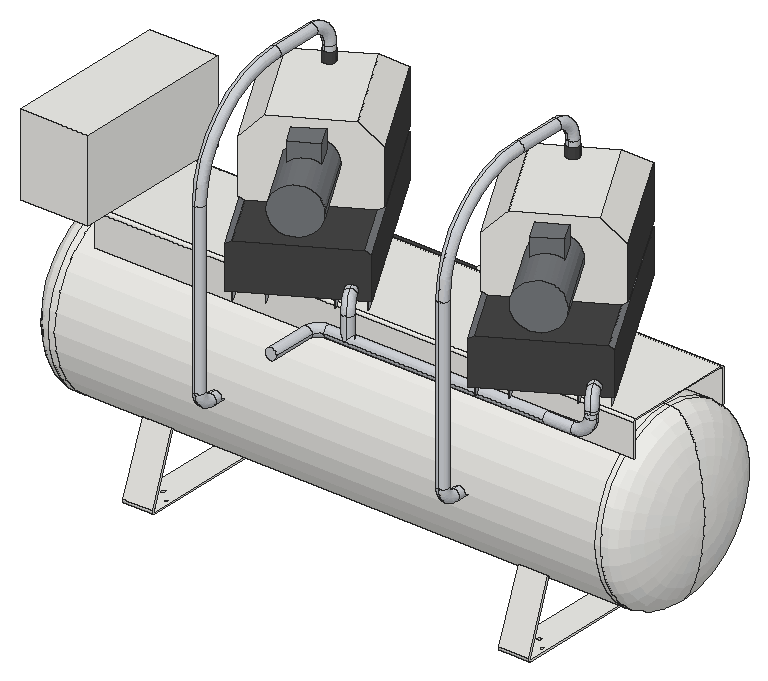
Revit family "HOSPIVAC 2 SIRELLA", category Equipement de génie climatique, Revit 2018
Family settings
  Cote de connecteur circulaire = Utiliser le diamètre
  Classification = Aucun
  Type d'élément = Normal
  Basée sur le plan de construction = Non
  Toujours verticalement = Oui
  Couper avec des vides une fois chargée = Non
  Partagée = Non
  Point de calcul de pièce = Non
Parameters (values of type "a - HOSPIVAC 2 SL100.R")
  ØVIROLE = 650 mm
  ØPOT_FILTRE = 100 mm
  ØFILTRE = 112 mm
  ØCANA = 40 mm
  ZONE_MAINTENANCE [instance] = no
  TENSION_ALIM = 400 V  # constant formula
  TAILLE_POMPE = SIRELLA SLR : SL100.R
  PUISS_ELECT_2 = 2.2 kW
  PUISS_ELECT = 2.2 kW
  PUISS_APPARENTE_2 = PUISS_ELECT_2 / COS_PHI  # 2444.44 VA
  PUISS_APPARENTE = PUISS_ELECT / COS_PHI  # 2444.44 VA
  POIDS(Kg) = 650 mm
  OFFSET_SELLETTE_1 = 55 mm  # constant formula
  OFFSET_REFOUL_PPE_B = 221.7 mm
  OFFSET_REFOUL_PPE_A = 1001.1 mm
  OFFSET_LONG_REFOUL_PPE_A = 945 mm
  OFFSET_LONG_REFOUL = 945 mm
  OFFSET_LONG_CANA_REFOUL_PPE_B = 162.1 mm
  OFFSET_LARG_REFOUL = 503.5 mm
  OFFSET_PPE = 40 mm
  OFFSET_LONG_ASPI = 221 mm
  OFFSET_LONG_FILTRE2 = 40 mm
  OFFSET_LONG_FILTRE1 = 650 mm
  OFFSET_LONG_CANA_ASPI = 597 mm
  OFFSET_LONG_B1 = 1277 mm
  OFFSET_LONG_A2 = 637 mm
  OFFSET_LARG_CANA_REFOUL = 294.5 mm
  OFFSET_HAUT_SELLETTE = 860 mm
  OFFSET_COUDE_CANA_FILTRE = 230 mm
  OFFSET_CENTRAGE_PPE = 200 mm
  OFFSET_BRIDE = 200.5 mm
  OFFSET2_LARG_ZONE_MAINT = 625 mm
  OFFSET1_LARG_ZONE_MAINT = 600 mm + (ØFILTRE / 2)  # 656 mm
  NIVEAU_SONORE(dB(A)) = 69
  NEUTRE = yes
  NBR_POLES = 3  # constant formula
  Modèle = "HOSPIVAC"
  Lien espace client = "https://www.mils.fr/en/customers-area/"
  LONG_U = 650 mm
  LONG_REFOUL = 65.2 mm
  LONG_FOND = 145 mm
  LONG_CANA_REFOUL = 190.094 mm
  LONGUEUR = 2400 mm
  LARGEUR = 1100 mm
  HAUT_TETE_FILTRE = 104 mm
  HAUT_REFOUL_PPE = 949.8 mm
  HAUT_FIX = 15.2 mm
  HAUT_CANA_REFOUL = 124 mm
  HAUT_CANA_FILTRE = 30 mm
  HAUT_ASPI = 59.973 mm
  HAUTEUR = 1500 mm
  Fabricant = "MIL'S"
  ENTRAXE_CANA_ASPI = 900 mm
  OFFSET_LARG_FILTRE = 410 mm
  OFFSET_LARG_ASPI_PPE = 150 mm
  LONG_SELLETTE_1 = 1995 mm
  LONG_OFFSET_REFOUL = 220 mm
  OFFSET_LONG_CANA_REFOUL = 1823 mm
  LONG_ENTRAXE_PIED = 1500 mm
  LG_VIROLE = 2000 mm
  HAUT_VIROLE = 155 mm
  OFFSET_HAUT_FILTRE = 725 mm
  HAUT_REFOUL = 1520 mm
  HAUT_FILTRE = 425 mm
  OFFSET_HAUT_CANA_REFOUL = 820 mm
  HAUT_CANA_ASPI = 1500 mm
  EP.VIROLE = 3 mm
  ENTRAXE_ALIM_ELEC = 526 mm
  DOUBLE_ALIMENTATION = yes
  DIAM_REFOUL_VIDE = 32 mm
  DIAM_ASPI_VIDE = 32 mm
  DESCR_REFOUL = "Refoulement Vide ; 2x90 m³/h ; G 1\"1/2\"FEM"
  DESCR_ASPI = "Aspiration Vide ; 2x90 m³/h ; G 1\"1/2FEM"
  DESCR_ALIM_Y = "Alimentation Y ; 4G2.5mm²"
  DESCR_ALIM_X = "Alimentation X ; 4G2.5mm²"
  DEBIT_REFOUL_VIDE = DEBIT_ASPI_VIDE  # 180.0 m³/h
  DEBIT_ASPI_VIDE = 180.0 m³/h
  OFFSET_LARG_2 = 332 mm
  OFFSET_LARG_1 = 182 mm
  OFFSET_LONG_B2 = 1537 mm
  OFFSET_LONG_A1 = 377 mm
  COS_PHI = 0.9  # constant formula
  BRANCHEMENT_TERRE = yes
  ANGLE = 60.00°
Reference planes
  plane 1 "Centre (avant/arrière)": y = 0
  plane 2: z = 0
  plane 3 "Centre (gauche/droite)": x = 0
  plane 4: x = -545
  plane 5: x = -545
  plane 6: x = -245
  plane 7 "LG_VIROLE1": x = -1000
  plane 8 "LG_VIROLE2": x = 1000
  plane 9 "HT_VIROLE": z = 155
  plane 10 "HAUT_VIROLE": z = 805
  plane 11: x = -750
  plane 12: x = 750
  plane 13 "LONGUEUR1": x = -1145
  plane 14 "LONGUEUR2": x = 1145
  plane 15: x = -640
  plane 16: x = 640
  plane 17 "OFFSET_SELLETTE1": x = -945
  plane 18: x = 1050
  plane 19 "HAUT_SELLETTE": z = 860
  plane 20: z = 95
  plane 21: y = 300
  plane 22: y = -300
  plane 23 "HAUT_COFFRET": z = 1160
  plane 24 "AV_COFFRET": x = -1145
  plane 25 "AR_COFFRET": x = -895
  plane 26 "OFFSET_HAUT_FILTRE": z = 725
  plane 27 "LARG_FILTRE": y = 410
  plane 28 "OFFSET_LONG_FILTRE2": x = 40
  plane 29 "OFFSET_LONG_FILTRE1": x = -650
  plane 30 "HAUT_FILTRE": z = 425
  plane 31: x = -735
  plane 32: x = -655
  plane 33: y = 237.5
  plane 34: y = 297.5
  plane 35: x = -695
  plane 36: y = 200
  plane 37: y = -200
  plane 38: y = -297.5
  plane 39: y = -237.5
  plane 40: x = 655
  plane 41: x = 735
  plane 42: x = 695
  plane 43 "TUYAUT_FILTRE": z = 695
  plane 44 "OFFSET_CANA_FILTRE1": x = -880
  plane 45 "OFFSET_CANA_FILTRE2": x = 270
  plane 46 "ASPIRATION": x = -221
  plane 47 "OFFSET_ALIM_ELEC": x = -978
  plane 48: y = 263
  plane 49: y = -263
  plane 50 "HAUT_CANA_ASPI": z = 1500
  plane 51 "CENTRE_VIROLE": z = 480
  plane 52 "FLEX_ASPI": y = -400
  plane 53 "OFFSET_LARG_CANA_REFOUL": y = -294.5
  plane 54 "OFFSET_LONG_CANA_ASPI_2": x = 497
  plane 55 "OFFSET_LONG_CANA_ASPI": x = -403
  plane 56 "IG": x = -1189
  plane 57: z = 621
  plane 58 "ZONE_MAINTENENCE": z = 2100
  plane 59 "OFFSET2_LARG_ZONE_MAINT": y = -1025
  plane 60 "OFFSET1_LARG_ZONE_MAINT": y = 1066
  plane 61 "HAUT_SUPP_PPE": z = 895
  plane 62 "OFFSET_BRIDE": y = 200.5
  plane 63 "HAUT_ASPI": z = 635.027
  plane 64 "OFFSET_HAUT_REFOUL": z = 820
  plane 65 "OFFSET_LONG_REFOUL": x = -55
  plane 66 "OFFSET_LONG_ CANA_REFOUL_PPE_B": x = 800
  plane 67 "OFFSET_LARG_REFOUL": y = -503.5
  plane 68: through (1011.706, 62.863, 1200) normal (0.866, 0.5, 0)
  plane 69 "OFFSET_REFOUL_PPE_A": through (177.718, -494.827, 1200) normal (0.866, 0.5, 0)
  plane 70 "OFFSET_REFOUL_PPE_B": through (1013.3, -383.298, 1200) normal (0.866, 0.5, 0)
  plane 71 "HAUT_REFOUL": z = 944
  plane 72 "OFFSET_LONG_CANA_REFOUL_PPE_B": x = 962.1
Forms (mm)
  Extrusion 1, solid, not visible
    sketch origin (-671.698, -1524, 268) x (-1, 0, 0) y (0, -1, 0)
      loop
        circle (-126.698, -1132) r 25
    from 0 to 17
  Extrusion 2, solid, not visible
    sketch origin (-671.698, -1524, 268) x (-1, 0, 0) y (0, -1, 0)
      loop
        circle (-126.698, -1132) r 25
    from 0 to 17
  Extrusion 3, solid, not visible
    sketch origin (-371.698, -1524, 268) x (-1, 0, 0) y (0, -1, 0)
      loop
        circle (-126.698, -1132) r 25
    from 0 to 17
  Revolve 4, solid, material "BLANC MILS"
    sketch origin (0, 0, 0) x (1, 0, 0) y (0, 0, 1)
      loop
        line (-1000, 155) -> (1000, 155) -> (1020, 155)
        spline (1020, 155) -> (1036.316, 157.78) -> (1052.352, 166.074) -> (1067.835, 179.739) -> (1082.5, 198.542) -> (1096.095, 222.16) -> (1108.388, 250.19) -> (1119.169, 282.153) -> (1128.253, 317.5) -> (1135.485, 355.628) -> (1140.741, 395.884) -> (1143.931, 437.579) -> (1145, 480)
        line (1145, 480) -> (1142, 480)
        spline (1142, 480) -> (1140.927, 437.734) -> (1137.748, 396.196) -> (1132.522, 356.1) -> (1125.325, 318.15) -> (1116.291, 283.002) -> (1105.588, 251.267) -> (1093.413, 223.505) -> (1080.003, 200.206) -> (1065.637, 181.78) -> (1050.637, 168.54) -> (1035.348, 160.617) -> (1020, 158)
        line (1020, 158) -> (1000, 158) -> (-1000, 158) -> (-1020, 158)
        spline (-1020, 158) -> (-1035.348, 160.617) -> (-1050.637, 168.54) -> (-1065.637, 181.78) -> (-1080.003, 200.206) -> (-1093.413, 223.505) -> (-1105.588, 251.267) -> (-1116.291, 283.002) -> (-1125.325, 318.15) -> (-1132.522, 356.1) -> (-1137.748, 396.196) -> (-1140.927, 437.734) -> (-1142, 480)
        line (-1142, 480) -> (-1145, 480)
        spline (-1145, 480) -> (-1143.931, 437.579) -> (-1140.741, 395.884) -> (-1135.485, 355.628) -> (-1128.253, 317.5) -> (-1119.169, 282.153) -> (-1108.388, 250.19) -> (-1096.095, 222.16) -> (-1082.5, 198.542) -> (-1067.835, 179.739) -> (-1052.352, 166.074) -> (-1036.316, 157.78) -> (-1020, 155)
        line (-1020, 155) -> (-1000, 155)
      axis (-1145, 480) -> (1145, 480)
    angle from 0 to 360
  Extrusion 5, solid, material "BLANC MILS"
    sketch origin (-750, -1524, 469.169) x (0, 0, 1) y (0, -1, 0)
      loop
        line (-469.169, -1213.55) -> (-469.169, -1834.45)
        arc (-469.169, -1834.45) -> (-464.833, -1842.691) -> (-455.585, -1843.786) r 10
        line (-455.585, -1843.786) -> (-218.89, -1752.927) -> (-220.725, -1748.148) -> (-456.407, -1838.618)
        arc (-456.407, -1838.618) -> (-461.535, -1838.855) -> (-464.169, -1834.45) r 5
        line (-464.169, -1834.45) -> (-464.169, -1213.55)
        arc (-464.169, -1213.55) -> (-462.001, -1209.429) -> (-457.377, -1208.882) r 5
        line (-457.377, -1208.882) -> (-221.695, -1299.352) -> (-219.903, -1294.684) -> (-455.585, -1204.214)
        arc (-455.585, -1204.214) -> (-464.833, -1205.309) -> (-469.169, -1213.55) r 10
    from 0 to 110
  Extrusion 6, solid, material "BLANC MILS"
    sketch origin (605, -1524, 469.169) x (0, 0, 1) y (0, -1, 0)
      loop
        line (-469.169, -1214.05) -> (-469.169, -1833.95)
        arc (-469.169, -1833.95) -> (-464.833, -1842.191) -> (-455.585, -1843.286) r 10
        line (-455.585, -1843.286) -> (-219.903, -1752.816) -> (-221.695, -1748.148) -> (-457.377, -1838.618)
        arc (-457.377, -1838.618) -> (-462.001, -1838.071) -> (-464.169, -1833.95) r 5
        line (-464.169, -1833.95) -> (-464.169, -1214.05)
        arc (-464.169, -1214.05) -> (-462.001, -1209.929) -> (-457.377, -1209.382) r 5
        line (-457.377, -1209.382) -> (-221.695, -1299.852) -> (-219.903, -1295.184) -> (-455.585, -1204.714)
        arc (-455.585, -1204.714) -> (-464.833, -1205.809) -> (-469.169, -1214.05) r 10
    from 35 to 145
  Extrusion 7, solid, material "BLANC MILS"
    sketch origin (-900, -1524, 897.628) x (0, 0, 1) y (0, -1, 0)
      loop
        line (-167.628, -1731.5) -> (-47.628, -1731.5)
        arc (-47.628, -1731.5) -> (-40.557, -1728.571) -> (-37.628, -1721.5) r 10
        line (-37.628, -1721.5) -> (-37.628, -1326.5)
        arc (-37.628, -1326.5) -> (-40.557, -1319.429) -> (-47.628, -1316.5) r 10
        line (-47.628, -1316.5) -> (-167.628, -1316.5) -> (-167.628, -1319.5) -> (-47.628, -1319.5)
        arc (-47.628, -1319.5) -> (-42.679, -1321.55) -> (-40.628, -1326.5) r 7
        line (-40.628, -1326.5) -> (-40.628, -1721.5)
        arc (-40.628, -1721.5) -> (-42.679, -1726.45) -> (-47.628, -1728.5) r 7
        line (-47.628, -1728.5) -> (-167.628, -1728.5) -> (-167.628, -1731.5)
    from -45 to 1950
  Extrusion 8, solid, material "BLANC MILS"
    sketch origin (1062.901, -1524, 95) x (0, -1, 0) y (-1, 0, 0)
      loop
        circle (-1524, 162.901) r 15
    from 0 to -70
  Extrusion 9, solid, material "BLANC MILS"
    sketch origin (-1145, -1524, 1169.64) x (0, 0, 1) y (0, -1, 0)
      loop
        line (-9.64, -1824) -> (-9.64, -1224) -> (-309.64, -1224) -> (-309.64, -1824) -> (-9.64, -1824)
    from 0 to 250
  Extrusion 10, solid, material "NOIR MILS"
    sketch origin (-1145, -1524, 1169.64) x (0, 0, 1) y (0, -1, 0)
      loop
        line (-48.64, -1649) -> (-48.64, -1399) -> (-238.64, -1399) -> (-238.64, -1649) -> (-48.64, -1649)
    from 0 to -3
  Extrusion 11, solid, material "BLANC MILS"
    sketch origin (370.465, 0, 725) x (1, 0, 0) y (0, 1, 0)
      loop
        circle (-1020.465, 410) r 56
      loop
        circle (-330.465, 410) r 56
    from 0 to -300
  Extrusion 12, solid, material "Verre"
    sketch origin (256.5, 0, 425) x (1, 0, 0) y (0, 1, 0)
      loop
        circle (-906.5, 410) r 35
      loop
        circle (-216.5, 410) r 35
    from 0 to -166.5
  Extrusion 13, void
    sketch origin (0, 0, 0) x (0, 1, 0) y (1, 0, 0)
      loop
        circle (297.5, -735) r 5
      loop
        circle (297.5, -655) r 5
      loop
        circle (237.5, -735) r 5
      loop
        circle (237.5, -655) r 5
      loop
        circle (200, -695) r 7
    from 0 to -10
  Extrusion 14, void
    sketch origin (0, 0, 0) x (0, 1, 0) y (1, 0, 0)
      loop
        circle (-297.5, -735) r 5
      loop
        circle (-297.5, -655) r 5
      loop
        circle (-237.5, -735) r 5
      loop
        circle (-237.5, -655) r 5
      loop
        circle (-200, -695) r 7
    from 0 to -10
  Extrusion 15, void
    sketch origin (0, 0, 0) x (0, 1, 0) y (1, 0, 0)
      loop
        circle (297.5, 655) r 5
      loop
        circle (297.5, 735) r 5
      loop
        circle (237.5, 655) r 5
      loop
        circle (237.5, 735) r 5
      loop
        circle (-237.5, 655) r 5
      loop
        circle (-237.5, 735) r 5
      loop
        circle (-297.5, 655) r 5
      loop
        circle (-297.5, 735) r 5
      loop
        circle (200, 695) r 7
      loop
        circle (-200, 695) r 7
    from 0 to -10
  Sweep 16, solid, material "NOIR MILS"
    path origin (213.389, 0, 695) x (1, 0, 0) y (0, 1, 0)
      loop
        line (56.611, 0) -> (56.611, 370)
        arc (56.611, 370) -> (44.895, 398.284) -> (16.611, 410) r 40
        line (16.611, 410) -> (-1053.389, 410)
        arc (-1053.389, 410) -> (-1081.674, 398.284) -> (-1093.389, 370) r 40
        line (-1093.389, 370) -> (-1093.389, 0)
    profile origin (270, 185, 695) x (-1, 0, 0) y (0, 0, 1)
      loop
        circle (0, 0) r 20
  Extrusion 17, void
    sketch origin (-920, -1524, 860) x (0, -1, 0) y (-1, 0, 0)
      loop
        circle (-1787, 58) r 10
      loop
        circle (-1261, 58) r 10
    from 0 to -10
  Sweep 18, solid
    path origin (-403, -1524, 828.414) x (0, 0, 1) y (0, -1, 0)
      loop
        line (-348.414, -1524) -> (-348.414, -1174)
        arc (-348.414, -1174) -> (-333.77, -1138.645) -> (-298.414, -1124) r 50
        line (-298.414, -1124) -> (321.586, -1124)
        arc (321.586, -1124) -> (569.073, -1226.513) -> (671.586, -1474) r 350
        line (671.586, -1474) -> (671.586, -1644.5)
        arc (671.586, -1644.5) -> (648.154, -1701.069) -> (591.586, -1724.5) r 80
        line (591.586, -1724.5) -> (571.586, -1724.5)
    profile origin (-403, -175, 480) x (0, 0, -1) y (1, 0, 0)
      loop
        circle (0, 0) r 20
  Sweep 19, solid
    path origin (497, -1524, 945.32) x (0, 0, 1) y (0, -1, 0)
      loop
        line (-465.32, -1524) -> (-465.32, -1174)
        arc (-465.32, -1174) -> (-450.676, -1138.645) -> (-415.32, -1124) r 50
        line (-415.32, -1124) -> (204.68, -1124)
        arc (204.68, -1124) -> (452.167, -1226.513) -> (554.68, -1474) r 350
        line (554.68, -1474) -> (554.68, -1644.5)
        arc (554.68, -1644.5) -> (531.248, -1701.069) -> (474.68, -1724.5) r 80
        line (474.68, -1724.5) -> (454.28, -1724.5)
    profile origin (497, -175, 480) x (0, 0, -1) y (1, 0, 0)
      loop
        circle (0, 0) r 20
  Extrusion 20, solid, material "JAUNE MILS"
    sketch origin (-1145, -1524, 1169.64) x (0, 0, 1) y (0, -1, 0)
      loop
        line (-187.14, -1763.5) -> (-187.14, -1709.5)
        arc (-187.14, -1709.5) -> (-188.019, -1707.379) -> (-190.14, -1706.5) r 3
        line (-190.14, -1706.5) -> (-244.14, -1706.5)
        arc (-244.14, -1706.5) -> (-246.261, -1707.379) -> (-247.14, -1709.5) r 3
        line (-247.14, -1709.5) -> (-247.14, -1763.5)
        arc (-247.14, -1763.5) -> (-246.261, -1765.621) -> (-244.14, -1766.5) r 3
        line (-244.14, -1766.5) -> (-190.14, -1766.5)
        arc (-190.14, -1766.5) -> (-188.019, -1765.621) -> (-187.14, -1763.5) r 3
      loop
        line (-187.14, -1338.5) -> (-187.14, -1284.5)
        arc (-187.14, -1284.5) -> (-188.019, -1282.379) -> (-190.14, -1281.5) r 3
        line (-190.14, -1281.5) -> (-244.14, -1281.5)
        arc (-244.14, -1281.5) -> (-246.261, -1282.379) -> (-247.14, -1284.5) r 3
        line (-247.14, -1284.5) -> (-247.14, -1338.5)
        arc (-247.14, -1338.5) -> (-246.261, -1340.621) -> (-244.14, -1341.5) r 3
        line (-244.14, -1341.5) -> (-190.14, -1341.5)
        arc (-190.14, -1341.5) -> (-188.019, -1340.621) -> (-187.14, -1338.5) r 3
    from 0 to -5
  Extrusion 21, solid, material "ROUGE MILS"
    sketch origin (-1145, -1524, 1169.64) x (0, 0, 1) y (0, -1, 0)
      loop
        circle (-217.14, -1736.5) r 22.5
      loop
        circle (-217.14, -1311.5) r 22.5
    from 0 to -44
  Extrusion 22, void
    sketch origin (256.5, 0, 425) x (0, 1, 0) y (1, 0, 0)
      loop
        circle (410, -906.5) r 56
      loop
        circle (410, -216.5) r 56
      loop
        circle (410, -906.5) r 50
      loop
        circle (410, -216.5) r 50
    from 0 to -196
  Extrusion 23, solid, material "ZONE_MAINTENANCE", not visible
    sketch origin (-4, -115.5, 0) x (1, 0, 0) y (0, 1, 0)
      loop
        line (-1785, 1181.5) -> (-1785, -909.5) -> (1749, -909.5) -> (1749, 1181.5) -> (-1785, 1181.5)
    from 0 to 2100
  Sweep 24, solid
    path origin (-920, -1524, 860) x (-1, 0, 0) y (0, -1, 0)
      loop
        line (-297, -1706) -> (-622, -1143.083)
    profile origin (-460.5, -99.458, 860) x (0.866025, 0.5, 0) y (0, 0, 1)
      loop
        line (0, 0) -> (2, 0) -> (2, 32.077)
        arc (2, 32.077) -> (2.27, 32.73) -> (2.923, 33) r 0.923
        line (2.923, 33) -> (96.731, 33)
        arc (96.731, 33) -> (97.384, 32.73) -> (97.654, 32.077) r 0.923
        line (97.654, 32.077) -> (97.654, 0) -> (100, 0) -> (100, 32.427)
        arc (100, 32.427) -> (99.246, 34.246) -> (97.427, 35) r 2.573
        line (97.427, 35) -> (2.943, 35)
        arc (2.943, 35) -> (0.862, 34.138) -> (0, 32.057) r 2.943
        line (0, 32.057) -> (0, 0)
  Sweep 25, solid
    path origin (-660.085, -1374, 860) x (-1, 0, 0) y (0, -1, 0)
      loop
        line (-297.085, -1706) -> (-622.085, -1143.083)
    profile origin (-200.5, 50.542, 860) x (0.866025, 0.5, 0) y (0, 0, 1)
      loop
        line (0, 0) -> (2, 0) -> (2, 32.077)
        arc (2, 32.077) -> (2.27, 32.73) -> (2.923, 33) r 0.923
        line (2.923, 33) -> (97.077, 33)
        arc (97.077, 33) -> (97.73, 32.73) -> (98, 32.077) r 0.923
        line (98, 32.077) -> (98, 0) -> (100, 0) -> (100, 32.427)
        arc (100, 32.427) -> (99.246, 34.246) -> (97.427, 35) r 2.573
        line (97.427, 35) -> (2.943, 35)
        arc (2.943, 35) -> (0.862, 34.138) -> (0, 32.057) r 2.943
        line (0, 32.057) -> (0, 0)
  Sweep 26, solid
    path origin (-319.996, -1523.998, 860) x (-1, 0, 0) y (0, -1, 0)
      loop
        line (-596.996, -1705.998) -> (-922, -1143.083)
    profile origin (439.502, -99.457, 860) x (0.866022, 0.500006, 0) y (0, 0, 1)
      loop
        line (0, 0) -> (2, 0) -> (2, 32.077)
        arc (2, 32.077) -> (2.27, 32.73) -> (2.923, 33) r 0.923
        line (2.923, 33) -> (96.731, 33)
        arc (96.731, 33) -> (97.384, 32.73) -> (97.654, 32.077) r 0.923
        line (97.654, 32.077) -> (97.654, 0) -> (100, 0) -> (100, 32.427)
        arc (100, 32.427) -> (99.246, 34.246) -> (97.427, 35) r 2.573
        line (97.427, 35) -> (2.943, 35)
        arc (2.943, 35) -> (0.862, 34.138) -> (0, 32.057) r 2.943
        line (0, 32.057) -> (0, 0)
  Sweep 27, solid
    path origin (-60.188, -1373.998, 860) x (-1, 0, 0) y (0, -1, 0)
      loop
        line (-597.188, -1705.998) -> (-922.192, -1143.083)
    profile origin (699.502, 50.543, 860) x (0.866022, 0.500006, 0) y (0, 0, 1)
      loop
        line (0, 0) -> (2, 0) -> (2, 32.077)
        arc (2, 32.077) -> (2.27, 32.73) -> (2.923, 33) r 0.923
        line (2.923, 33) -> (96.731, 33)
        arc (96.731, 33) -> (97.384, 32.73) -> (97.654, 32.077) r 0.923
        line (97.654, 32.077) -> (97.654, 0) -> (100, 0) -> (100, 32.427)
        arc (100, 32.427) -> (99.246, 34.246) -> (97.427, 35) r 2.573
        line (97.427, 35) -> (2.943, 35)
        arc (2.943, 35) -> (0.862, 34.138) -> (0, 32.057) r 2.943
        line (0, 32.057) -> (0, 0)
  Extrusion 28, solid
    sketch origin (213.389, 0, 695) x (1, 0, 0) y (0, 1, 0)
      loop
        circle (-434.389, 410) r 20
    from 0 to -59.973
  Sweep 29, solid
    path origin (1407.884, -1524, 820) x (0, -1, 0) y (1, 0, 0)
      loop
        line (-1020.5, -1462.884) -> (-1184.5, -1462.884)
        arc (-1184.5, -1462.884) -> (-1216.32, -1449.704) -> (-1229.5, -1417.884) r 45
        line (-1229.5, -1417.884) -> (-1229.5, -607.884)
    profile origin (-55, -421.5, 820) x (-1, 0, 0) y (0, 0, 1)
      loop
        circle (0, 0) r 20
  Extrusion 30, void
    sketch origin (-920, -1524, 860) x (0, -1, 0) y (-1, 0, 0)
      loop
        line (-1524, -1970) -> (-1520.536, -1970) -> (-1524, -1968) -> (-1524, -1970)
    from 0 to 5
  Sweep 31, solid
    path origin (177.718, -494.827, 1200) x (-0.5, 0.866025, 0) y (0, 0, 1)
      loop
        line (296.508, -256) -> (271.308, -256)
        arc (271.308, -256) -> (243.024, -267.716) -> (231.308, -296) r 40
        line (231.308, -296) -> (231.308, -380)
    profile origin (35.764, -248.955, 944) x (0, 0, -1) y (0.866025, 0.5, 0)
      loop
        circle (0, 0) r 20
  Sweep 32, solid
    path origin (1013.3, -383.298, 1200) x (-0.5, 0.866025, 0) y (0, 0, 1)
      loop
        line (167.717, -256) -> (142.494, -256)
        arc (142.494, -256) -> (114.226, -267.709) -> (102.517, -295.977) r 39.977
        line (102.517, -295.977) -> (102.517, -305)
    profile origin (935.747, -248.973, 944) x (0, 0, -1) y (0.866025, 0.5, 0)
      loop
        circle (0, 0.101) r 20
  Sweep 33, solid
    path origin (-1205, -294.5, 1200) x (-1, 0, 0) y (0, 0, 1)
      loop
        line (-2005, -380) -> (-2107.1, -380)
        arc (-2107.1, -380) -> (-2149.526, -362.426) -> (-2167.1, -320) r 60
        line (-2167.1, -320) -> (-2167.1, -305)
    profile origin (851.05, -294.5, 820) x (0, 0, -1) y (0, 1, 0)
      loop
        circle (0, 0) r 20
Cuts and joins
  Extrusion 13, Extrusion 14, Extrusion 22 cuts Extrusion 5
  Extrusion 15 cuts Extrusion 6
  Extrusion 17, Extrusion 30 cuts Revolve 4
  Extrusion 17 cuts Extrusion 9
  Extrusion 17 cuts Sweep 16
  Extrusion 22 cuts Extrusion 11
  Extrusion 30 cuts Extrusion 7
  Extrusion 30 cuts Extrusion 23
  joined: Sweep 29, Sweep 33
Lines and regions (mm)
  reference lines
    curve 1: line (-623, 182, 0) -> (-545.058, 227, 0)
Dimensions and locks
  equal spacing: plane 7 "LG_VIROLE1", plane 3 "Centre (gauche/droite)", plane 8 "LG_VIROLE2"
  "LG_VIROLE": plane 7 "LG_VIROLE1" to plane 8 "LG_VIROLE2"
  "HAUT_VIROLE": plane 9 "HT_VIROLE" to level
  "EP.VIROLE": Revolve 4 sketch curve to plane 9 "HT_VIROLE"
  equal spacing: plane 10 "HAUT_VIROLE", Revolve 4 sketch curve, plane 9 "HT_VIROLE"
  "LONG_ENTRAXE_PIED": plane 12 to plane 11
  equal spacing: plane 12, plane 3 "Centre (gauche/droite)", plane 11
  "ØVIROLE": plane 10 "HAUT_VIROLE" to plane 9 "HT_VIROLE"
  "LONG_FOND": plane 7 "LG_VIROLE1" to plane 13 "LONGUEUR1"
  "LONG_FOND": plane 14 "LONGUEUR2" to plane 8 "LG_VIROLE2"
  "EP.VIROLE": Revolve 4 sketch curve to Revolve 4 sketch curve  (x3)
  locked: plane 7 "LG_VIROLE1" to Revolve 4 sketch curve at 20
  locked: Revolve 4 sketch curve to Revolve 4 sketch curve at 20
  locked: Extrusion 5 sketch curve to Extrusion 5 sketch curve at 252.45  (x2)
  locked: plane 15 to plane 11 at 110
  locked: Extrusion 6 sketch curve to Extrusion 6 sketch curve at 252.45  (x2)
  locked: plane 12 to plane 16 at 110
  "LONG_SELLETTE_1": plane 18 to plane 17 "OFFSET_SELLETTE1"
  "OFFSET_HAUT_SELLETTE": plane 19 "HAUT_SELLETTE" to level
  locked: plane 19 "HAUT_SELLETTE" to Extrusion 7 sketch curve at 130  (x2)
  locked: Extrusion 7 sketch curve to Extrusion 7 sketch curve at 415
  equal spacing: Extrusion 7 sketch curve, plane 1 "Centre (avant/arrière)", Extrusion 7 sketch curve
  "EP.VIROLE": Extrusion 7 sketch curve to Extrusion 7 sketch curve  (x3)
  locked: plane 20 to level at 95
  locked: Extrusion 8 sketch curve to plane 14 "LONGUEUR2" at 245
  equal spacing: plane 21, plane 1 "Centre (avant/arrière)", plane 22
  locked: plane 21 to plane 22 at 600
  locked: plane 25 "AR_COFFRET" to plane 24 "AV_COFFRET" at 250
  equal spacing: Extrusion 10 sketch curve, plane 1 "Centre (avant/arrière)", Extrusion 10 sketch curve
  locked: Extrusion 10 sketch curve to Extrusion 10 sketch curve at 250
  locked: Extrusion 10 sketch curve to Extrusion 10 sketch curve at 190
  locked: Extrusion 10 sketch curve to plane 19 "HAUT_SELLETTE" at 71
  "OFFSET_LARG_FILTRE": plane 1 "Centre (avant/arrière)" to plane 27 "LARG_FILTRE"
  "OFFSET_LONG_FILTRE2": plane 3 "Centre (gauche/droite)" to plane 28 "OFFSET_LONG_FILTRE2"
  "OFFSET_LONG_FILTRE1": plane 29 "OFFSET_LONG_FILTRE1" to plane 3 "Centre (gauche/droite)"
  "OFFSET_HAUT_FILTRE": level to plane 26 "OFFSET_HAUT_FILTRE"
  "HAUT_FILTRE": level to plane 30 "HAUT_FILTRE"
  locked: plane 31 to plane 32 at 80
  locked: plane 34 to plane 33 at 60
  locked: plane 33 to plane 1 "Centre (avant/arrière)" at 237.5
  locked: plane 36 to plane 1 "Centre (avant/arrière)" at 200
  locked: plane 37 to plane 1 "Centre (avant/arrière)" at 200
  locked: plane 39 to plane 1 "Centre (avant/arrière)" at 237.5
  locked: plane 39 to plane 38 at 60
  "HAUT_CANA_FILTRE": plane 43 "TUYAUT_FILTRE" to plane 26 "OFFSET_HAUT_FILTRE"
  "OFFSET_COUDE_CANA_FILTRE": plane 44 "OFFSET_CANA_FILTRE1" to plane 29 "OFFSET_LONG_FILTRE1"
  "OFFSET_COUDE_CANA_FILTRE": plane 28 "OFFSET_LONG_FILTRE2" to plane 45 "OFFSET_CANA_FILTRE2"
  "OFFSET_LONG_ASPI": plane 46 "ASPIRATION" to plane 3 "Centre (gauche/droite)"
  locked: plane 47 "OFFSET_ALIM_ELEC" to plane 25 "AR_COFFRET" at 83
  equal spacing: plane 48, plane 1 "Centre (avant/arrière)", plane 49
  "ENTRAXE_ALIM_ELEC": plane 48 to plane 49
  "OFFSET_SELLETTE_1": plane 17 "OFFSET_SELLETTE1" to plane 7 "LG_VIROLE1"
  "HAUT_CANA_ASPI": plane 50 "HAUT_CANA_ASPI" to level
  equal spacing: plane 10 "HAUT_VIROLE", plane 51 "CENTRE_VIROLE", plane 9 "HT_VIROLE"
  locked: plane 1 "Centre (avant/arrière)" to plane 52 "FLEX_ASPI" at 400
  "OFFSET_LARG_CANA_REFOUL": plane 53 "OFFSET_LARG_CANA_REFOUL" to plane 1 "Centre (avant/arrière)"
  "ENTRAXE_CANA_ASPI": plane 54 "OFFSET_LONG_CANA_ASPI_2" to plane 55 "OFFSET_LONG_CANA_ASPI"
  locked: plane 25 "AR_COFFRET" to plane 17 "OFFSET_SELLETTE1" at 50
  equal spacing: Extrusion 5 sketch curve, plane 1 "Centre (avant/arrière)", Extrusion 5 sketch curve
  locked: Extrusion 5 sketch curve to Extrusion 5 sketch curve at 620.9
  equal spacing: Extrusion 6 sketch curve, plane 1 "Centre (avant/arrière)", Extrusion 6 sketch curve, locked at 309.95 each
  locked: Extrusion 6 sketch curve to Extrusion 6 sketch curve at 619.9
  plane 44 "OFFSET_CANA_FILTRE1" to plane 45 "OFFSET_CANA_FILTRE2" = 1150 mm
  locked: plane 11 to plane 31 at 15
  equal spacing: plane 11, plane 35, plane 15, locked at 55 each
  locked: plane 40 to plane 41 at 80
  locked: plane 41 to plane 12 at 15
  equal spacing: plane 16, plane 42, plane 12, locked at 55 each
  locked: plane 23 "HAUT_COFFRET" to plane 19 "HAUT_SELLETTE" at 300
  locked: Extrusion 20 sketch curve to Extrusion 20 sketch curve at 60  (x3)
  locked: Extrusion 20 sketch curve to Extrusion 20 sketch curve at 365
  equal spacing: Extrusion 20 sketch curve, plane 1 "Centre (avant/arrière)", Extrusion 20 sketch curve
  locked: plane 56 "IG" to plane 24 "AV_COFFRET" at 44
  equal spacing: Extrusion 20, Extrusion 21 sketch curve, Extrusion 20, locked at 30 each  (x4)
  "HAUT_TETE_FILTRE": plane 57 to plane 26 "OFFSET_HAUT_FILTRE"
  locked: Extrusion 23 sketch curve to plane 56 "IG" at 600
  locked: plane 14 "LONGUEUR2" to Extrusion 23 sketch curve at 600
  "OFFSET2_LARG_ZONE_MAINT": plane 52 "FLEX_ASPI" to plane 59 "OFFSET2_LARG_ZONE_MAINT"
  "OFFSET1_LARG_ZONE_MAINT": plane 60 "OFFSET1_LARG_ZONE_MAINT" to plane 27 "LARG_FILTRE"
  "OFFSET_LONG_A1": plane 7 "LG_VIROLE1" to curve 1
  "OFFSET_LARG_1": plane 1 "Centre (avant/arrière)" to curve 1
  "LONG_U": Sweep 24 sketch curve to Sweep 24 sketch curve
  "OFFSET_LARG_1": plane 1 "Centre (avant/arrière)" to Sweep 24 sketch curve
  locked: Sweep 24 sketch curve to Sweep 24 sketch curve at 100
  locked: Sweep 24 sketch curve to Sweep 24 sketch curve at 2  (x2)
  locked: plane 19 "HAUT_SELLETTE" to Sweep 24 sketch curve at 35
  "LONG_U": Sweep 25 sketch curve to Sweep 25 sketch curve
  locked: Sweep 25 sketch curve to Sweep 25 sketch curve at 100
  locked: Sweep 25 sketch curve to Sweep 25 sketch curve at 2  (x3)
  "LONG_U": Sweep 26 sketch curve to Sweep 26 sketch curve
  locked: Sweep 26 sketch curve to Sweep 26 sketch curve at 100
  locked: Sweep 26 sketch curve to Sweep 26 sketch curve at 2  (x2)
  "LONG_U": Sweep 27 sketch curve to Sweep 27 sketch curve
  locked: Sweep 27 sketch curve to Sweep 27 sketch curve at 100
  locked: Sweep 27 sketch curve to Sweep 27 sketch curve at 2  (x2)
  "OFFSET_BRIDE": plane 1 "Centre (avant/arrière)" to plane 62 "OFFSET_BRIDE"
  "OFFSET_LONG_CANA_ASPI": plane 55 "OFFSET_LONG_CANA_ASPI" to plane 7 "LG_VIROLE1"
  "HAUT_ASPI": plane 63 "HAUT_ASPI" to plane 43 "TUYAUT_FILTRE"
  "OFFSET_LONG_A1": plane 7 "LG_VIROLE1" to Sweep 24 sketch curve
  "OFFSET_LARG_2": plane 1 "Centre (avant/arrière)" to Sweep 25 sketch curve
  "OFFSET_LONG_A2": plane 7 "LG_VIROLE1" to Sweep 25 sketch curve
  "OFFSET_LARG_2": plane 1 "Centre (avant/arrière)" to Sweep 27 sketch curve
  "OFFSET_LARG_1": plane 1 "Centre (avant/arrière)" to Sweep 26 sketch curve
  "OFFSET_LONG_B1": plane 7 "LG_VIROLE1" to Sweep 26 sketch curve
  "OFFSET_LONG_B2": plane 7 "LG_VIROLE1" to Sweep 27 sketch curve
  "OFFSET_PPE": nested 1 to Sweep 24
  "OFFSET_CENTRAGE_PPE": Sweep 24 to nested 1
  "OFFSET_PPE": nested 2 to Sweep 26
  "OFFSET_CENTRAGE_PPE": Sweep 26 to nested 2
  "OFFSET_LARG_REFOUL": plane 67 "OFFSET_LARG_REFOUL" to plane 1 "Centre (avant/arrière)"
  "HAUT_FIX": nested 1 to plane 61 "HAUT_SUPP_PPE"
  "HAUT_FIX": nested 2 to plane 61 "HAUT_SUPP_PPE"
  locked: plane 58 "ZONE_MAINTENENCE" to plane 50 "HAUT_CANA_ASPI" at 600
  locked: plane 66 "OFFSET_LONG_ CANA_REFOUL_PPE_B" to plane 3 "Centre (gauche/droite)" at 800
  "OFFSET_LONG_REFOUL": plane 7 "LG_VIROLE1" to plane 65 "OFFSET_LONG_REFOUL"
  locked: Extrusion 30 sketch curve to Extrusion 7 at 2
  "OFFSET_REFOUL_PPE_A": plane 68 to plane 69 "OFFSET_REFOUL_PPE_A"
  "OFFSET_REFOUL_PPE_B": plane 68 to plane 70 "OFFSET_REFOUL_PPE_B"
  "LONG_REFOUL": Sweep 31 sketch curve to Sweep 31 sketch curve
  "OFFSET_HAUT_CANA_REFOUL": plane 64 "OFFSET_HAUT_REFOUL" to level
  "HAUT_CANA_REFOUL": plane 71 "HAUT_REFOUL" to plane 64 "OFFSET_HAUT_REFOUL"
  "LONG_REFOUL": Sweep 32 sketch curve to Sweep 32 sketch curve
  "OFFSET_LONG_CANA_REFOUL_PPE_B": plane 72 "OFFSET_LONG_CANA_REFOUL_PPE_B" to plane 66 "OFFSET_LONG_ CANA_REFOUL_PPE_B"
  radius of Extrusion 1 sketch curve = 25 mm
  radius of Extrusion 2 sketch curve = 25 mm
  radius of Extrusion 3 sketch curve = 25 mm
  radius of Extrusion 5 sketch curve = 10 mm  (x2)
  radius of Extrusion 6 sketch curve = 10 mm  (x2)
  radius of Extrusion 7 sketch curve = 10 mm  (x2)
  radius of Extrusion 7 sketch curve = 7 mm  (x2)
  "ØFILTRE": diameter of Extrusion 11 sketch curve  (x2)
  diameter of Extrusion 12 sketch curve = 70 mm  (x2)
  diameter of Extrusion 13 sketch curve = 10 mm  (x4)
  diameter of Extrusion 13 sketch curve = 14 mm
  diameter of Extrusion 14 sketch curve = 10 mm  (x4)
  diameter of Extrusion 14 sketch curve = 14 mm
  diameter of Extrusion 15 sketch curve = 10 mm  (x8)
  diameter of Extrusion 15 sketch curve = 14 mm  (x2)
  radius of Sweep 16 sketch curve = 40 mm  (x2)
  diameter of Extrusion 17 sketch curve = 20 mm  (x2)
  "ØCANA": diameter of Sweep 18 sketch curve
  radius of Sweep 18 sketch curve = 50 mm
  "ØCANA": diameter of Sweep 19 sketch curve
  radius of Sweep 19 sketch curve = 50 mm
  "ØCANA": diameter of Sweep 16 sketch curve
  radius of Extrusion 20 sketch curve = 3 mm  (x8)
  diameter of Extrusion 21 sketch curve = 45 mm  (x2)
  "ØPOT_FILTRE": diameter of Extrusion 22 sketch curve  (x2)
  radius of Sweep 24 sketch curve = 2.573 mm
  radius of Sweep 25 sketch curve = 2.573 mm
  radius of Sweep 26 sketch curve = 2.573 mm
  radius of Sweep 27 sketch curve = 2.573 mm
  radius of Sweep 18 sketch curve = 80 mm
  radius of Sweep 18 sketch curve = 350 mm
  radius of Sweep 19 sketch curve = 350 mm
  "ØCANA": diameter of Extrusion 28 sketch curve
  radius of Sweep 29 sketch curve = 45 mm
  "ØCANA": diameter of Sweep 29 sketch curve
  radius of Sweep 19 sketch curve = 80 mm
  radius of Sweep 31 sketch curve = 40 mm
  "ØCANA": diameter of Sweep 31 sketch curve
  radius of Sweep 32 sketch curve = 39.977 mm
  "ØCANA": diameter of Sweep 32 sketch curve
  radius of Sweep 33 sketch curve = 60 mm
  "ØCANA": diameter of Sweep 33 sketch curve
  locked: level to Extrusion 5 sketch curve (angle 69.00°)
  locked: Extrusion 5 sketch curve to level (angle 69.00°)
  "ANGLE": angle curve 1 to plane 3 "Centre (gauche/droite)"
  locked: plane 3 "Centre (gauche/droite)" to Sweep 24 sketch curve (angle 30.00°)
  locked: plane 3 "Centre (gauche/droite)" to Sweep 26 sketch curve (angle 30.0004°)
  locked: plane 3 "Centre (gauche/droite)" to Sweep 25 sketch curve (angle 30.00°)
  locked: plane 3 "Centre (gauche/droite)" to Sweep 27 sketch curve (angle 30.0004°)
  locked: Extrusion 30 sketch curve to plane 1 "Centre (avant/arrière)" (angle 60.00°)
  aligned and locked: level to plane 2
  aligned and locked: Revolve 4 sketch curve to plane 13 "LONGUEUR1"
  aligned and locked: Revolve 4 sketch curve to plane 14 "LONGUEUR2"
  aligned and locked: Revolve 4 sketch curve to Revolve 4 sketch curve
  aligned and locked: Extrusion 5 sketch curve to level
  aligned and locked: plane 15 to Extrusion 5
  aligned and locked: plane 12 to Extrusion 6
  aligned and locked: Extrusion 6 to plane 16
  aligned and locked: Extrusion 6 sketch curve to level
  aligned and locked: Extrusion 7 sketch curve to plane 19 "HAUT_SELLETTE"
  aligned and locked: plane 18 to Extrusion 7
  aligned and locked: plane 1 "Centre (avant/arrière)" to Extrusion 8 sketch curve
  aligned and locked: Extrusion 9 sketch curve to plane 23 "HAUT_COFFRET"
  aligned and locked: plane 21 to Extrusion 9 sketch curve
  aligned and locked: Extrusion 9 sketch curve to plane 22
  aligned and locked: plane 19 "HAUT_SELLETTE" to Extrusion 9 sketch curve
  aligned and locked: plane 25 "AR_COFFRET" to Extrusion 9
  aligned and locked: Extrusion 9 to plane 24 "AV_COFFRET"
  aligned and locked: plane 27 "LARG_FILTRE" to Extrusion 11 sketch curve
  aligned and locked: plane 29 "OFFSET_LONG_FILTRE1" to Extrusion 11 sketch curve
  aligned and locked: plane 28 "OFFSET_LONG_FILTRE2" to Extrusion 11 sketch curve
  aligned and locked: plane 26 "OFFSET_HAUT_FILTRE" to Extrusion 11
  aligned and locked: Extrusion 11 to plane 30 "HAUT_FILTRE"
  aligned and locked: plane 27 "LARG_FILTRE" to Extrusion 12 sketch curve  (x2)
  aligned and locked: plane 29 "OFFSET_LONG_FILTRE1" to Extrusion 12 sketch curve
  aligned and locked: plane 28 "OFFSET_LONG_FILTRE2" to Extrusion 12 sketch curve
  aligned and locked: plane 34 to Extrusion 13 sketch curve  (x2)
  aligned and locked: plane 31 to Extrusion 13 sketch curve
  aligned and locked: plane 32 to Extrusion 13 sketch curve  (x2)
  aligned and locked: plane 33 to Extrusion 13 sketch curve  (x2)
  aligned and locked: Extrusion 13 sketch curve to plane 31
  aligned and locked: plane 35 to Extrusion 13 sketch curve
  aligned and locked: plane 36 to Extrusion 13 sketch curve
  aligned and locked: Extrusion 14 sketch curve to plane 31  (x2)
  aligned and locked: Extrusion 14 sketch curve to plane 32  (x2)
  aligned and locked: Extrusion 14 sketch curve to plane 35
  aligned and locked: plane 37 to Extrusion 14 sketch curve
  aligned and locked: plane 39 to Extrusion 14 sketch curve  (x2)
  aligned and locked: plane 38 to Extrusion 14 sketch curve  (x2)
  aligned and locked: plane 40 to Extrusion 15 sketch curve
  aligned and locked: Extrusion 15 sketch curve to plane 40  (x3)
  aligned and locked: plane 41 to Extrusion 15 sketch curve
  aligned and locked: Extrusion 15 sketch curve to plane 41  (x3)
  aligned and locked: Extrusion 15 sketch curve to plane 34  (x2)
  aligned and locked: Extrusion 15 sketch curve to plane 33  (x2)
  aligned and locked: plane 42 to Extrusion 15 sketch curve
  aligned and locked: Extrusion 15 sketch curve to plane 36
  aligned and locked: Extrusion 15 sketch curve to plane 42
  aligned and locked: Extrusion 15 sketch curve to plane 37
  aligned and locked: Extrusion 15 sketch curve to plane 39  (x2)
  aligned and locked: Extrusion 15 sketch curve to plane 38  (x2)
  aligned and locked: plane 27 "LARG_FILTRE" to Sweep 16 sketch curve
  aligned and locked: profile plane to Sweep 16 sketch curve  (x2)
  aligned and locked: Sweep 16 sketch curve to plane 44 "OFFSET_CANA_FILTRE1"
  aligned and locked: Sweep 16 sketch curve to plane 45 "OFFSET_CANA_FILTRE2"
  aligned and locked: plane 47 "OFFSET_ALIM_ELEC" to Extrusion 17 sketch curve  (x2)
  aligned and locked: plane 48 to Extrusion 17 sketch curve
  aligned and locked: plane 49 to Extrusion 17 sketch curve
  aligned and locked: Extrusion 7 to plane 17 "OFFSET_SELLETTE1"
  aligned and locked: profile plane to Sweep 18 sketch curve  (x2)
  aligned and locked: Sweep 18 sketch curve to plane 51 "CENTRE_VIROLE"
  aligned and locked: plane 1 "Centre (avant/arrière)" to Sweep 18 sketch curve
  aligned and locked: plane 52 "FLEX_ASPI" to Sweep 18 sketch curve
  aligned and locked: profile plane to Sweep 19 sketch curve  (x2)
  aligned and locked: plane 51 "CENTRE_VIROLE" to Sweep 19 sketch curve
  aligned and locked: Sweep 19 sketch curve to plane 52 "FLEX_ASPI"
  aligned and locked: Extrusion 20 sketch curve to Extrusion 20 sketch curve  (x2)
  aligned and locked: Extrusion 22 sketch curve to Extrusion 11  (x2)
  aligned and locked: plane 29 "OFFSET_LONG_FILTRE1" to Extrusion 22 sketch curve
  aligned and locked: plane 27 "LARG_FILTRE" to Extrusion 22 sketch curve  (x2)
  aligned and locked: plane 28 "OFFSET_LONG_FILTRE2" to Extrusion 22 sketch curve
  aligned and locked: Extrusion 22 to plane 57
  aligned and locked: Extrusion 23 to plane 58 "ZONE_MAINTENENCE"
  aligned and locked: Extrusion 23 to level
  aligned and locked: Extrusion 23 to plane 59 "OFFSET2_LARG_ZONE_MAINT"
  aligned and locked: Extrusion 23 to plane 60 "OFFSET1_LARG_ZONE_MAINT"
  aligned and locked: Sweep 24 sketch curve to profile plane
  aligned and locked: plane 19 "HAUT_SELLETTE" to Sweep 24 sketch curve  (x2)
  aligned and locked: Sweep 24 sketch curve to Sweep 24 sketch curve  (x2)
  aligned and locked: Sweep 24 sketch curve to plane 19 "HAUT_SELLETTE"  (x2)
  aligned and locked: Sweep 25 sketch curve to profile plane
  aligned and locked: Sweep 25 sketch curve to Sweep 25 sketch curve  (x2)
  aligned and locked: Sweep 26 sketch curve to profile plane
  aligned and locked: Sweep 26 sketch curve to Sweep 26 sketch curve  (x2)
  aligned and locked: Sweep 27 sketch curve to profile plane
  aligned and locked: Sweep 27 sketch curve to Sweep 27 sketch curve  (x2)
  aligned and locked: plane 61 "HAUT_SUPP_PPE" to Sweep 24
  aligned and locked: Sweep 18 sketch curve to plane 62 "OFFSET_BRIDE"
  aligned and locked: Sweep 18 sketch curve to plane 50 "HAUT_CANA_ASPI"
  aligned and locked: plane 62 "OFFSET_BRIDE" to Sweep 19 sketch curve
  aligned and locked: plane 50 "HAUT_CANA_ASPI" to Sweep 19 sketch curve
  aligned and locked: plane 46 "ASPIRATION" to Extrusion 28 sketch curve
  aligned and locked: plane 27 "LARG_FILTRE" to Extrusion 28 sketch curve
  aligned and locked: Extrusion 28 to plane 63 "HAUT_ASPI"
  aligned and locked: plane 61 "HAUT_SUPP_PPE" to Sweep 25 sketch curve
  aligned and locked: plane 61 "HAUT_SUPP_PPE" to Sweep 27 sketch curve
  aligned and locked: Sweep 29 sketch curve to plane 65 "OFFSET_LONG_REFOUL"
  aligned and locked: plane 66 "OFFSET_LONG_ CANA_REFOUL_PPE_B" to Sweep 29 sketch curve
  aligned and locked: profile plane to Sweep 29 sketch curve  (x2)
  aligned and locked: Sweep 29 sketch curve to plane 53 "OFFSET_LARG_CANA_REFOUL"
  aligned and locked: plane 67 "OFFSET_LARG_REFOUL" to Sweep 29 sketch curve
  aligned and locked: Extrusion 30 sketch curve to plane 1 "Centre (avant/arrière)"
  aligned and locked: plane 18 to Extrusion 30 sketch curve
  aligned and locked: plane 68 to cut or joined group of Extrusion 7, Extrusion 30
  aligned and locked: nested 1 to Sweep 31 sketch curve
  aligned and locked: profile plane to Sweep 31 sketch curve
  aligned and locked: plane 69 "OFFSET_REFOUL_PPE_A" to Sweep 31 sketch curve
  aligned and locked: plane 64 "OFFSET_HAUT_REFOUL" to Sweep 31 sketch curve
  aligned and locked: Sweep 31 sketch curve to plane 71 "HAUT_REFOUL"
  aligned and locked: profile plane to Sweep 32 sketch curve
  aligned and locked: plane 61 "HAUT_SUPP_PPE" to Sweep 32 sketch curve
  aligned and locked: plane 71 "HAUT_REFOUL" to Sweep 32 sketch curve
  aligned and locked: plane 64 "OFFSET_HAUT_REFOUL" to Sweep 33 sketch curve
  aligned and locked: plane 66 "OFFSET_LONG_ CANA_REFOUL_PPE_B" to Sweep 33 sketch curve
  aligned and locked: plane 61 "HAUT_SUPP_PPE" to Sweep 33 sketch curve
  aligned and locked: profile plane to Sweep 33 sketch curve
  aligned and locked: Sweep 31 to Sweep 33 sketch curve
  aligned and locked: nested 2 to Sweep 32 sketch curve
  aligned and locked: plane 72 "OFFSET_LONG_CANA_REFOUL_PPE_B" to Sweep 33 sketch curve
Automatic sketch dimensions
  Revolve 4 sketch curve to plane 7 "LG_VIROLE1" = 0 mm  (x2)
  Revolve 4 sketch curve to plane 8 "LG_VIROLE2" = 0 mm  (x2)
  Revolve 4 sketch curve to plane 51 "CENTRE_VIROLE" = 0 mm
  Revolve 4 sketch curve to Revolve 4 sketch curve = 0 mm  (x2)
  Revolve 4 sketch curve to plane 13 "LONGUEUR1" = 9.812 mm
  Revolve 4 sketch curve to plane 8 "LG_VIROLE2" = 59.812 mm
  Extrusion 5 sketch curve to Extrusion 5 sketch curve = 0 mm  (x4)
  Extrusion 5 sketch curve to Extrusion 5 sketch curve = 5 mm
  Extrusion 5 sketch curve to Extrusion 5 sketch curve = 1.792 mm
  Extrusion 5 sketch curve to Extrusion 5 sketch curve = 2.762 mm
  Extrusion 6 sketch curve to Extrusion 6 sketch curve = 0 mm  (x4)
  level to Extrusion 6 sketch curve = 5 mm
  Extrusion 6 sketch curve to Extrusion 6 sketch curve = 1.792 mm  (x4)
  Extrusion 7 sketch curve to Extrusion 7 sketch curve = 0 mm
  Extrusion 11 sketch curve to plane 27 "LARG_FILTRE" = 0 mm
  plane 1 "Centre (avant/arrière)" to Sweep 16 sketch curve = 0 mm  (x2)
  Sweep 18 sketch curve to Sweep 18 sketch curve = 20 mm
  Sweep 19 sketch curve to plane 1 "Centre (avant/arrière)" = 0 mm
  Sweep 19 sketch curve to Sweep 19 sketch curve = 20.4 mm
  Extrusion 20 sketch curve to plane 71 "HAUT_REFOUL" = 21.5 mm
  Extrusion 23 sketch curve to plane 59 "OFFSET2_LARG_ZONE_MAINT" = 0 mm
  Extrusion 23 sketch curve to plane 60 "OFFSET1_LARG_ZONE_MAINT" = 0 mm
  Sweep 24 sketch curve to Sweep 24 sketch curve = 0.923 mm
  Sweep 24 sketch curve to Sweep 24 sketch curve = 0.021 mm
  Sweep 24 sketch curve to Sweep 24 sketch curve = 0.696 mm
  Sweep 24 sketch curve to Sweep 24 sketch curve = 2.346 mm
  Sweep 25 sketch curve to plane 19 "HAUT_SELLETTE" = 0 mm  (x2)
  Sweep 25 sketch curve to Sweep 25 sketch curve = 0.923 mm
  Sweep 25 sketch curve to Sweep 25 sketch curve = 0.021 mm
  Sweep 25 sketch curve to Sweep 25 sketch curve = 0.349 mm
  Sweep 26 sketch curve to plane 19 "HAUT_SELLETTE" = 0 mm  (x2)
  Sweep 26 sketch curve to Sweep 26 sketch curve = 0.923 mm
  Sweep 26 sketch curve to Sweep 26 sketch curve = 0.021 mm
  Sweep 26 sketch curve to Sweep 26 sketch curve = 0.696 mm
  Sweep 26 sketch curve to Sweep 26 sketch curve = 2.346 mm
  plane 19 "HAUT_SELLETTE" to Sweep 26 sketch curve = 32.057 mm
  Sweep 27 sketch curve to profile plane = 0 mm  (x2)
  Sweep 27 sketch curve to Sweep 27 sketch curve = 0.923 mm
  Sweep 27 sketch curve to Sweep 27 sketch curve = 0.021 mm
  Sweep 27 sketch curve to Sweep 27 sketch curve = 0.696 mm
  Sweep 27 sketch curve to Sweep 27 sketch curve = 2.346 mm
  profile plane to Sweep 32 sketch curve = 0.101 mm
  radius of Extrusion 8 sketch curve = 15 mm
Nested families
  nested 1: "SIRELLA SLR" at (-104.795, -315.558, 910.2) x (-0.866, -0.5, 0) z (0, 0, 1), type <- "TAILLE_POMPE", type "SL100.R"
    with ZONE_MAINTENANCE no
  nested 2: "SIRELLA SLR" at (795.201, -315.555, 910.2) x (-0.866, -0.5, 0) z (0, 0, 1), type <- "TAILLE_POMPE", type "SL100.R"
    with ZONE_MAINTENANCE no
Connectors
  electrical at (-978, 263, 870), driven by "DESCR_ALIM_X", driven by "PUISS_APPARENTE", driven by "NBR_POLES", driven by "TENSION_ALIM"
    settings: on cut or joined group of Extrusion 9, Extrusion 17, index 1, voltage 400 V, apparent load 2444.44 VA, apparent load phase1 0 VA, apparent load phase2 0 VA, apparent load phase3 0 VA, power factor 1, load classification "Autre", number of poles 3, system type 30, power factor state 1, is connector primary yes, connector utility yes, sub classification motor no, connector description "Alimentation X ; 4G2.5mm²"
  electrical at (-978, -263, 870), driven by "NBR_POLES", driven by "TENSION_ALIM", driven by "PUISS_APPARENTE_2", driven by "DESCR_ALIM_Y"
    settings: on cut or joined group of Extrusion 9, Extrusion 17, index 2, voltage 400 V, apparent load 2444.44 VA, apparent load phase1 0 VA, apparent load phase2 0 VA, apparent load phase3 0 VA, power factor 1, load classification "Autre", number of poles 3, system type 30, power factor state 1, is connector primary no, connector utility yes, sub classification motor no, connector description "Alimentation Y ; 4G2.5mm²"
  piping at (-221, 410, 635.027), diameter 32, driven by "DIAM_ASPI_VIDE", driven by "DEBIT_ASPI_VIDE", driven by "DESCR_ASPI"
    settings: on Extrusion 28, index 3, connector inside diameter 609.6 mm, connector length 0 mm, flow factor 0, pipe flow 180.0 m³/h, pressure drop 0.0 Pa, fitting loss kfactor 0, connector angle 0.00°, fixture units 0, engagement length 0 mm, angle of deflection 0.00°, flow configuration 0, flow direction 1, fitting loss method 0, system type 22, joint type 0, gender type 0, connector reference index -1, connector utility 1, adjustable connector no, is connector primary yes, connector description "Aspiration Vide ; 2x90 m³/h ; G 1\"1/2FEM"
  piping at (-55, -503.5, 820), diameter 32, driven by "DIAM_ASPI_VIDE", driven by "DEBIT_REFOUL_VIDE", driven by "DESCR_REFOUL"
    settings: on cut or joined group of Sweep 29, Sweep 33, index 4, connector inside diameter 609.6 mm, connector length 0 mm, flow factor 0, pipe flow 180.0 m³/h, pressure drop 0.0 Pa, fitting loss kfactor 0, connector angle 0.00°, fixture units 0, engagement length 0 mm, angle of deflection 0.00°, flow configuration 0, flow direction 2, fitting loss method 0, system type 22, joint type 0, gender type 0, connector reference index -1, connector utility 1, adjustable connector no, is connector primary no, connector description "Refoulement Vide ; 2x90 m³/h ; G 1\"1/2\"FEM"
Definition of nested family "SIRELLA SLR"
  Parameters (values of type "SL300.R")
    ZONE_MAINTENANCE [instance] = no
    TENSION_ALIM = 400 V
    SORTIE_CABLE_ELECT = -57.5 mm
    PUISS_ELECT = 3 kW
    POIDS = 300 mm
    OFFSET_MAINTENANCE = 200 mm
    NIVEAU_SONORE = 70
    NBR_POLES = 3
    Model = ""
    Lien espace client = ""
    LONGUEUR = 890.2 mm
    LARGEUR = 472.4 mm
    HAUT_RAINURE = 30 mm
    LONG_OFFSET_FIX = 67.2 mm
    HAUT_OFFSET_REFOUL = 64 mm
    LONG_OFFSET_BOITE = 191.5 mm
    RAY_MOT = DIAM_MOT / 2  # 110 mm
    HAUT_MAINTENANCE = 300 mm
    HAUT_BOITE = 165.8 mm
    HAUTEUR = 568.1 mm
    LONG_OFFSET_BRIDE_ASPI = 130.1 mm
    LARG_OFFSET_REFOUL = 417.8 mm
    HAUT_OFFSET_CABLE_ELECT = 35.8 mm
    LONG_OFFSET_CABLE_ELECT = 79.9 mm
    LONG_REFOUL = 26.2 mm
    RAY_CABLE_ELECT = 5 mm
    PUISSANCE_APPARENTE = PUISS_ELECT / (COS_PHI * 1)  # 3333.33 VA
    LONG_MOT = 339 mm
    LONG_ENTRAXE_FIX = 670 mm
    LARG_OFFSET_FIX = 86.2 mm
    LARG_CHANFREIN = 100 mm
    LONG_CORPS = 802.4 mm
    LARG_ENTRAXE_FIX = 300 mm
    LARG_BOITE = 119.9 mm
    HAUT_FIX = 24.4 mm
    HAUT_SILENCIEUX = 194.7 mm
    HAUT_BRIDE = 35.1 mm
    RAY_FIX = 25 mm
    RAY_BRIDE = 28.3 mm
    Manufacturer = ""
    Description = ""
    DIAM_REFOUL_VIDE = 2 * RAY_BRIDE  # 56.6 mm
    DIAM_MOT = 220 mm
    LONG_BOITE = 119.9 mm
    DIAM_ASPI_VIDE = 2 * RAY_BRIDE  # 56.6 mm
    DIAMETRE ASPIRATION = ""
    DESCR_REFOUL = "Refoulement vide ; 260 m3/h ; G 2\" FEM"
    DESCR_ASPI = "Aspiration vide ; 260 m3/h ; G 2\" FEM"
    DESCR_ALIM_X = "Puissance electrique, 4G2.5mm²"
    DEBIT_REFOUL_VIDE = 300.0 m³/h
    DEBIT_ASPI_VIDE = 300.0 m³/h
    Assembly Code = ""
    COS_PHI = 0.9
    BRANCHEMENT_TERRE = yes
    ANGLE_CHANFREIN = 45.00°
  Types (4, lengths in mm): name | SORTIE_CABLE_ELECT | POIDS | NIVEAU_SONORE | Model | Lien espace client | LONGUEUR | LARGEUR | HAUT_RAINURE | LONG_OFFSET_FIX | HAUT_OFFSET_REFOUL | LONG_OFFSET_BOITE | RAY_MOT | HAUT_BOITE | HAUTEUR | LONG_OFFSET_BRIDE_ASPI | LARG_OFFSET_REFOUL | HAUT_OFFSET_CABLE_ELECT | LONG_OFFSET_CABLE_ELECT | LONG_REFOUL | RAY_CABLE_ELECT | LONG_MOT | LONG_ENTRAXE_FIX | LARG_OFFSET_FIX | LARG_CHANFREIN | LONG_CORPS | LARG_BOITE | HAUT_FIX | HAUT_SILENCIEUX | HAUT_BRIDE | RAY_BRIDE | Manufacturer | Description | DIAM_REFOUL_VIDE | DIAM_MOT | LONG_BOITE | DIAM_ASPI_VIDE | DESCR_REFOUL | DESCR_ASPI | DEBIT_REFOUL_VIDE | DEBIT_ASPI_VIDE | Assembly Code
    (no name) | -57.5 | 300 | 70 | "" | "" | 890.2 | 472.4 | 30 | 67.2 | 64 | 191.5 | 110 | 165.8 | 568.1 | 130.1 | 417.8 | 35.8 | 79.9 | 26.2 | 5 | 339 | 670 | 86.2 | 100 | 802.4 | 119.9 | 24.4 | 194.7 | 35.1 | 28.3 | "" | "" | 56.6 | 220 | 119.9 | 56.6 | "Refoulement vide ; 260 m3/h ; G 2\" FEM" | "Aspiration vide ; 260 m3/h ; G 2\" FEM" | 300.0 m³/h | 300.0 m³/h | ""
    SL300.R | -57.5 | 300 | 70 | "" | "" | 890.2 | 472.4 | 30 | 67.2 | 64 | 191.5 | 110 | 165.8 | 568.1 | 130.1 | 417.8 | 35.8 | 79.9 | 26.2 | 5 | 339 | 670 | 86.2 | 100 | 802.4 | 119.9 | 24.4 | 194.7 | 35.1 | 28.3 | "" | "" | 56.6 | 220 | 119.9 | 56.6 | "Refoulement vide ; 260 m3/h ; G 2\" FEM" | "Aspiration vide ; 260 m3/h ; G 2\" FEM" | 300.0 m³/h | 300.0 m³/h | ""
    SL150.R | -74.265 | 180 | 69 | "" | "" | 774 | 430 | 20 | 65 | 49 | 177.8 | 95.25 | 142 | 505 | 133.5 | 370 | 32 | 58.9 | 13.7 | 1.25 | 291 | 600 | 65 | 80 | 730 | 104.4 | 15.2 | 168.3 | 37.6 | 22.5 | "" | "" | 45 | 190.5 | 87 | 45 | "Refoulement vide ; 140 m3/h ; G 2\" FEM" | "Aspiration vide ; 140 m3/h ; G 2\" FEM" | 150.0 m³/h | 150.0 m³/h | ""
    SL100.R | -74.265 | 170 | 69 | "SIRELLA SL100.R" | "https://www.mils.fr/en/customers-area/" | 780 | 430 | 20 | 65 | 49 | 164.8 | 86 | 136.9 | 504.6 | 134 | 370 | 33.7 | 58.9 | 13.7 | 5 | 297 | 600 | 65 | 80 | 730 | 103 | 15.2 | 168.3 | 36.6 | 22.5 | "MIL'S" | "VACUUM PUMP 100m3/h" | 45 | 172 | 87 | 45 | "Refoulement vide ; 90 m3/h ; G 1_1/4\" FEM" | "Aspiration vide ; 90 m3/h ; G 1_1/4\" FEM" | 150.0 m³/h | 150.0 m³/h | "824410"
  Reference planes
    plane 1 "Centre (avant/arrière)": y = 0
    plane 2: z = 0
    plane 3 "Centre (gauche/droite)": x = 0
    plane 4 "CORPS_AV": y = -802.4
    plane 5 "CORPS_HAUT": z = 508.6
    plane 6 "MOT_AV": y = -251.2
    plane 7 "HAUT_CAISSON": z = 194.7
    plane 8 "CORPS_GAUCHE": x = -236.2
    plane 9 "CORPS_DROITE": x = 236.2
    plane 10 "HAUT_CHANF": z = 408.6
    plane 11 "CHANF_AV": y = -702.4
    plane 12 "FIX_BAS": z = -24.4
    plane 13 "CHANF_GAUCHE": x = -136.2
    plane 14 "CHANF_DROITE": x = 136.2
    plane 15: z = 408.6
    plane 16 "HAUT_MOT": z = 351.65
    plane 17 "FIX_DROITE": x = 150
    plane 18 "FIX_GAUCHE": x = -150
    plane 19 "FIX_AV": y = -737.2
    plane 20 "POS_FIX_AR": y = -67.2
    plane 21 "POS_BOSS_1": y = -672.3
    plane 22 "HAUT_BOSS_1": z = 543.7
    plane 23 "POS_BOSS_2": z = 39.6
    plane 24 "BOSS_GAUCHE": x = -181.6
    plane 25 "LONG_REFOUL": y = -26.2
    plane 26 "BOIT_AR": y = -103.7
    plane 27 "BOIT_AV": y = -223.6
    plane 28 "BOIT_DROITE": x = 59.95
    plane 29 "BOIT_GAUCHE": x = -59.95
    plane 30 "ELECT_AV": y = -183.6
    plane 31 "ELECT_HAUT": z = 472.8
    plane 32 "MOT_AR": y = 87.8
    plane 33 "BOIT_HAUT": z = 517.45
    plane 34 "MAINT_AV": y = -1002.4
    plane 35 "MAINT_AR": y = 287.8
    plane 36 "MAINT_HAUT": z = 843.7
    plane 37: x = -436.2
    plane 38: x = 436.2
  Forms (mm)
    Extrusion 1, solid, detail levels fine
      sketch origin (0, 0, 0) x (0, 1, 0) y (0, 0, 1)
        loop
          line (-802.4, 408.6) -> (-802.4, 0) -> (0, 0) -> (0, 194.7) -> (-251.2, 194.7) -> (-251.2, 508.6) -> (-702.4, 508.6) -> (-802.4, 408.6)
      from -236.2 to 236.2
    Extrusion 2, void
      sketch origin (0, 0, 0) x (1, 0, 0) y (0, 0, 1)
        loop
          line (136.2, 508.6) -> (236.2, 408.6) -> (236.2, 508.6) -> (136.2, 508.6)
        loop
          line (-136.2, 508.6) -> (-236.2, 508.6) -> (-236.2, 408.6) -> (-136.2, 508.6)
      from 251.2 to 802.4
    Extrusion 3, solid, detail levels fine
      sketch origin (0, 0, 0) x (1, 0, 0) y (0, 0, 1)
        loop
          circle (0, 351.65) r 110
